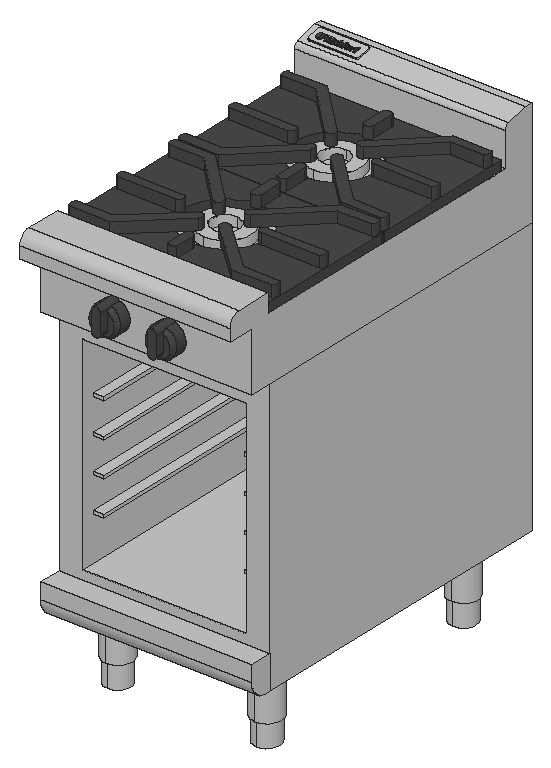
Revit family "QF_MOFFAT WALDORF_RNL8450G-CB", category Specialty Equipment, Revit 2012
Parameters
  Weight in Pounds = 189.5973
  URL Cutsheet = "www.moffat.com"
  URL = "www.moffat.com"
  Type Mark [instance] = ""
  Status [instance] = ""
  Specification by User [instance] = ""
  Specification by Manufacturer = ""
  Show Logo [instance] = yes
  Show Casters [instance] = no
  Serial Number = ""
  Seismic Rating = ""
  SMACNA No = ""
  Revision Code [instance] = ""
  Omniclass Number and Title = ""
  NAFEM Spec ID Number = ""
  Model = "RNL8450G-CB"
  Mechanical Remarks [instance] = ""
  Mechanical Connection Type [instance] = ""
  Masterspec = ""
  Manufacturer = "MOFFAT WALDORF"
  Legs [instance] = not(Show Casters)  # yes
  Item Number [instance] = ""
  Installed By [instance] = ""
  Identify Quantity as Lot [instance] = yes
  Gas Size = 3/4"
  Gas RI Height [instance] = 0 mm
  Gas KW [instance] = 15.5
  Gas Input [instance] = 53078.0 Btu/h
  Gas Connection Height = 0 mm
  Furnished By [instance] = ""
  Foodservice Equipment Identifier [instance] = yes
  Description = "COOK TOP LOW SPLASHBACK GAS ON GAS CABINET BASE"
  CSI MasterFormat = ""
  CSI Master Format = ""
Reference planes
  plane 1 "BACK": y = 0
  plane 2: z = 0
  plane 3 "LEFT": x = 0
  plane 4 "RIGHT": x = 450
  plane 5 "FRONT": y = -805
  plane 6 "TOP": z = 970
  plane 7 "Center Y": x = 225
  plane 8 "Center X": y = -402.5
Forms (mm)
  Extrusion 1, solid, material "QF_Finishes_Stainless Steel"
    sketch origin (0, 0, 0) x (0, 1, 0) y (0, 0, 1)
      loop
        line (-805, 891) -> (-805, 866) -> (-749, 866) -> (-749, 740) -> (0, 740) -> (0, 970) -> (-16.5, 970) -> (-61.106, 958.048)
        arc (-61.106, 958.048) -> (-67.52, 953.762) -> (-70, 946.457) r 12
        line (-70, 946.457) -> (-70, 875) -> (-705, 875) -> (-705, 915) -> (-781, 915)
        arc (-781, 915) -> (-797.971, 907.971) -> (-805, 891) r 24
      loop
        line (0, 739.206) -> (-100, 739.206) -> (-100, 150) -> (0, 150) -> (0, 739.206)
      loop
        line (-700, 222.5) -> (-749, 222.5) -> (-749, 188)
        arc (-749, 188) -> (-737.87, 161.13) -> (-711, 150) r 38
        line (-711, 150) -> (-700, 150) -> (-700, 222.5)
    from 0 to 450
  Revolve 2, solid, material "QF_Finishes_Black"
    sketch origin (285, 0, 600) x (0, -1, 0) y (0, 0, 1)
      loop
        line (782, 229.605) -> (759, 229.605) -> (759, 202.105) -> (749, 202.105) -> (749, 197.105) -> (793, 197.105) -> (793, 223.757) -> (782, 229.605)
      axis (793, 197.105) -> (749, 197.105)
    angle from 0 to 360
  Extrusion 3, solid, material "QF_Finishes_Black"
    sketch origin (146.569, 0, 496.003) x (1, 0, 0) y (0, 0, 1)
      loop
        line (148.431, 289) -> (148.431, 327.997)
        arc (148.431, 327.997) -> (138.431, 337.997) -> (128.431, 327.997) r 10
        line (128.431, 327.997) -> (128.431, 289)
        arc (128.431, 289) -> (138.431, 279) -> (148.431, 289) r 10
    from 759 to 808
  Extrusion 4, solid, material "QF_Finishes_Stainless Steel"
    sketch origin (0, -699, 655) x (1, 0, 0) y (0, -1, 0)
      loop
        circle (320, -667) r 13.5
    from 0 to -84.206
  Revolve 5, solid, material "QF_Finishes_Black"
    sketch origin (165, 0, 599.873) x (0, 1, 0) y (0, 0, -1)
      loop
        line (-782, -229.5) -> (-759, -229.5) -> (-759, -202) -> (-749, -202) -> (-749, -197) -> (-793, -197) -> (-793, -223.651) -> (-782, -229.5)
      axis (-793, -197) -> (-749, -197)
    angle from 0 to 360
  Extrusion 6, solid, material "QF_Finishes_Black"
    sketch origin (303.27, 0, 600.031) x (-1, 0, 0) y (0, 0, -1)
      loop
        arc (148.269, -184.969) -> (138.269, -174.969) -> (128.269, -184.969) r 10
        line (128.269, -184.969) -> (128.269, -223.969)
        arc (128.269, -223.969) -> (138.269, -233.969) -> (148.269, -223.969) r 10
        line (148.269, -223.969) -> (148.269, -184.969)
    from 759 to 808
  Extrusion 7, solid, material "QF_Finishes_Black"
    sketch origin (0, -77.549, 875) x (0, -1, 0) y (1, 0, 0)
      loop
        line (316, 4) -> (316, 446)
        arc (316, 446) -> (315.121, 448.121) -> (313, 449) r 3
        line (313, 449) -> (4, 449)
        arc (4, 449) -> (1.879, 448.121) -> (1, 446) r 3
        line (1, 446) -> (1, 4)
        arc (1, 4) -> (1.879, 1.879) -> (4, 1) r 3
        line (4, 1) -> (313, 1)
        arc (313, 1) -> (315.121, 1.879) -> (316, 4) r 3
      loop
        line (321, 1) -> (622.451, 1)
        arc (622.451, 1) -> (624.572, 1.879) -> (625.451, 4) r 3
        line (625.451, 4) -> (625.451, 446)
        arc (625.451, 446) -> (624.572, 448.121) -> (622.451, 449) r 3
        line (622.451, 449) -> (321, 449)
        arc (321, 449) -> (318.879, 448.121) -> (318, 446) r 3
        line (318, 446) -> (318, 4)
        arc (318, 4) -> (318.879, 1.879) -> (321, 1) r 3
      loop
        circle (166.451, 225) r 87
      loop
        circle (458.951, 225) r 87
    from 0 to 19.5
  Extrusion 8, solid, material "QF_Finishes_Black"
    sketch origin (0, -77.549, 894.5) x (0, -1, 0) y (1, 0, 0)
      loop
        line (39.503, 81.861) -> (141.683, 184.041)
        spline (141.683, 184.041) -> (143.272, 186.112) -> (144.271, 188.524) -> (144.612, 191.112) -> (144.271, 193.7) -> (143.272, 196.112) -> (141.683, 198.183) -> (139.612, 199.772) -> (137.2, 200.771) -> (134.612, 201.112) -> (132.024, 200.771) -> (129.612, 199.772) -> (127.541, 198.183)
        line (127.541, 198.183) -> (19.503, 90.145) -> (19.503, 8.933)
        spline (19.503, 8.933) -> (19.844, 7.639) -> (20.843, 6.433) -> (22.432, 5.397) -> (24.503, 4.603) -> (26.915, 4.103) -> (29.503, 3.933) -> (32.091, 4.103) -> (34.503, 4.603) -> (36.574, 5.397) -> (38.163, 6.433) -> (39.162, 7.639) -> (39.503, 8.933)
        line (39.503, 8.933) -> (39.503, 81.861)
      loop
        line (19.503, 359.855) -> (127.541, 251.817)
        spline (127.541, 251.817) -> (129.612, 250.228) -> (132.024, 249.229) -> (134.612, 248.888) -> (137.2, 249.229) -> (139.612, 250.228) -> (141.683, 251.817) -> (143.272, 253.888) -> (144.271, 256.3) -> (144.612, 258.888) -> (144.271, 261.476) -> (143.272, 263.888) -> (141.683, 265.959)
        line (141.683, 265.959) -> (39.503, 368.139) -> (39.503, 441.067)
        spline (39.503, 441.067) -> (39.162, 442.361) -> (38.163, 443.567) -> (36.574, 444.603) -> (34.503, 445.397) -> (32.091, 445.897) -> (29.503, 446.067) -> (26.915, 445.897) -> (24.503, 445.397) -> (22.432, 444.603) -> (20.843, 443.567) -> (19.844, 442.361) -> (19.503, 441.067)
        line (19.503, 441.067) -> (19.503, 359.855)
      loop
        spline (26.398, 235) -> (25.104, 234.659) -> (23.898, 233.66) -> (22.862, 232.071) -> (22.068, 230) -> (21.568, 227.588) -> (21.398, 225) -> (21.568, 222.412) -> (22.068, 220) -> (22.862, 217.929) -> (23.898, 216.34) -> (25.104, 215.341) -> (26.398, 215)
        line (26.398, 215) -> (75.602, 215)
        spline (75.602, 215) -> (78.19, 215.341) -> (80.602, 216.34) -> (82.673, 217.929) -> (84.262, 220) -> (85.261, 222.412) -> (85.602, 225) -> (85.261, 227.588) -> (84.262, 230) -> (82.673, 232.071) -> (80.602, 233.66) -> (78.19, 234.659) -> (75.602, 235)
        line (75.602, 235) -> (26.398, 235)
      loop
        line (158.5, 441.102) -> (158.5, 316.898)
        spline (158.5, 316.898) -> (158.841, 314.31) -> (159.84, 311.898) -> (161.429, 309.827) -> (163.5, 308.238) -> (165.912, 307.239) -> (168.5, 306.898) -> (171.088, 307.239) -> (173.5, 308.238) -> (175.571, 309.827) -> (177.16, 311.898) -> (178.159, 314.31) -> (178.5, 316.898)
        line (178.5, 316.898) -> (178.5, 441.102)
        spline (178.5, 441.102) -> (178.159, 442.396) -> (177.16, 443.602) -> (175.571, 444.638) -> (173.5, 445.432) -> (171.088, 445.932) -> (168.5, 446.102) -> (165.912, 445.932) -> (163.5, 445.432) -> (161.429, 444.638) -> (159.84, 443.602) -> (158.841, 442.396) -> (158.5, 441.102)
      loop
        line (313.497, 355.855) -> (313.497, 441.067)
        spline (313.497, 441.067) -> (313.156, 442.361) -> (312.157, 443.567) -> (310.568, 444.603) -> (308.497, 445.397) -> (306.085, 445.897) -> (303.497, 446.067) -> (300.909, 445.897) -> (298.497, 445.397) -> (296.426, 444.603) -> (294.837, 443.567) -> (293.838, 442.361) -> (293.497, 441.067)
        line (293.497, 441.067) -> (293.497, 364.139) -> (190.439, 261.081)
        spline (190.439, 261.081) -> (188.85, 259.01) -> (187.851, 256.598) -> (187.51, 254.01) -> (187.851, 251.422) -> (188.85, 249.01) -> (190.439, 246.939) -> (192.51, 245.35) -> (194.922, 244.351) -> (197.51, 244.01) -> (200.098, 244.351) -> (202.51, 245.35) -> (204.581, 246.939)
        line (204.581, 246.939) -> (313.497, 355.855)
      loop
        line (293.497, 85.861) -> (293.497, 8.933)
        spline (293.497, 8.933) -> (293.838, 7.639) -> (294.837, 6.433) -> (296.426, 5.397) -> (298.497, 4.603) -> (300.909, 4.103) -> (303.497, 3.933) -> (306.085, 4.103) -> (308.497, 4.603) -> (310.568, 5.397) -> (312.157, 6.433) -> (313.156, 7.639) -> (313.497, 8.933)
        line (313.497, 8.933) -> (313.497, 94.145) -> (204.581, 203.061)
        spline (204.581, 203.061) -> (202.51, 204.65) -> (200.098, 205.649) -> (197.51, 205.99) -> (194.922, 205.649) -> (192.51, 204.65) -> (190.439, 203.061) -> (188.85, 200.99) -> (187.851, 198.578) -> (187.51, 195.99) -> (187.851, 193.402) -> (188.85, 190.99) -> (190.439, 188.919)
        line (190.439, 188.919) -> (293.497, 85.861)
      loop
        line (178.5, 8.898) -> (178.5, 133.102)
        spline (178.5, 133.102) -> (178.159, 135.69) -> (177.16, 138.102) -> (175.571, 140.173) -> (173.5, 141.762) -> (171.088, 142.761) -> (168.5, 143.102) -> (165.912, 142.761) -> (163.5, 141.762) -> (161.429, 140.173) -> (159.84, 138.102) -> (158.841, 135.69) -> (158.5, 133.102)
        line (158.5, 133.102) -> (158.5, 8.898)
        spline (158.5, 8.898) -> (158.841, 7.604) -> (159.84, 6.398) -> (161.429, 5.362) -> (163.5, 4.568) -> (165.912, 4.068) -> (168.5, 3.898) -> (171.088, 4.068) -> (173.5, 4.568) -> (175.571, 5.362) -> (177.16, 6.398) -> (178.159, 7.604) -> (178.5, 8.898)
      loop
        spline (308.602, 215) -> (309.896, 215.341) -> (311.102, 216.34) -> (312.138, 217.929) -> (312.932, 220) -> (313.432, 222.412) -> (313.602, 225) -> (313.432, 227.588) -> (312.932, 230) -> (312.138, 232.071) -> (311.102, 233.66) -> (309.896, 234.659) -> (308.602, 235)
        line (308.602, 235) -> (259.398, 235)
        spline (259.398, 235) -> (256.81, 234.659) -> (254.398, 233.66) -> (252.327, 232.071) -> (250.738, 230) -> (249.739, 227.588) -> (249.398, 225) -> (249.739, 222.412) -> (250.738, 220) -> (252.327, 217.929) -> (254.398, 216.34) -> (256.81, 215.341) -> (259.398, 215)
        line (259.398, 215) -> (308.602, 215)
      loop
        line (339.503, 81.861) -> (441.683, 184.041)
        spline (441.683, 184.041) -> (443.272, 186.112) -> (444.271, 188.524) -> (444.612, 191.112) -> (444.271, 193.7) -> (443.272, 196.112) -> (441.683, 198.183) -> (439.612, 199.772) -> (437.2, 200.771) -> (434.612, 201.112) -> (432.024, 200.771) -> (429.612, 199.772) -> (427.541, 198.183)
        line (427.541, 198.183) -> (319.503, 90.145) -> (319.503, 8.933)
        spline (319.503, 8.933) -> (319.844, 7.639) -> (320.843, 6.433) -> (322.432, 5.397) -> (324.503, 4.603) -> (326.915, 4.103) -> (329.503, 3.933) -> (332.091, 4.103) -> (334.503, 4.603) -> (336.574, 5.397) -> (338.163, 6.433) -> (339.162, 7.639) -> (339.503, 8.933)
        line (339.503, 8.933) -> (339.503, 81.861)
      loop
        line (319.503, 359.855) -> (427.541, 251.817)
        spline (427.541, 251.817) -> (429.612, 250.228) -> (432.024, 249.229) -> (434.612, 248.888) -> (437.2, 249.229) -> (439.612, 250.228) -> (441.683, 251.817) -> (443.272, 253.888) -> (444.271, 256.3) -> (444.612, 258.888) -> (444.271, 261.476) -> (443.272, 263.888) -> (441.683, 265.959)
        line (441.683, 265.959) -> (339.503, 368.139) -> (339.503, 441.067)
        spline (339.503, 441.067) -> (339.162, 442.361) -> (338.163, 443.567) -> (336.574, 444.603) -> (334.503, 445.397) -> (332.091, 445.897) -> (329.503, 446.067) -> (326.915, 445.897) -> (324.503, 445.397) -> (322.432, 444.603) -> (320.843, 443.567) -> (319.844, 442.361) -> (319.503, 441.067)
        line (319.503, 441.067) -> (319.503, 359.855)
      loop
        spline (326.398, 235) -> (325.104, 234.659) -> (323.898, 233.66) -> (322.862, 232.071) -> (322.068, 230) -> (321.568, 227.588) -> (321.398, 225) -> (321.568, 222.412) -> (322.068, 220) -> (322.862, 217.929) -> (323.898, 216.34) -> (325.104, 215.341) -> (326.398, 215)
        line (326.398, 215) -> (375.602, 215)
        spline (375.602, 215) -> (378.19, 215.341) -> (380.602, 216.34) -> (382.673, 217.929) -> (384.262, 220) -> (385.261, 222.412) -> (385.602, 225) -> (385.261, 227.588) -> (384.262, 230) -> (382.673, 232.071) -> (380.602, 233.66) -> (378.19, 234.659) -> (375.602, 235)
        line (375.602, 235) -> (326.398, 235)
      loop
        line (458.5, 441.102) -> (458.5, 316.898)
        spline (458.5, 316.898) -> (458.841, 314.31) -> (459.84, 311.898) -> (461.429, 309.827) -> (463.5, 308.238) -> (465.912, 307.239) -> (468.5, 306.898) -> (471.088, 307.239) -> (473.5, 308.238) -> (475.571, 309.827) -> (477.16, 311.898) -> (478.159, 314.31) -> (478.5, 316.898)
        line (478.5, 316.898) -> (478.5, 441.102)
        spline (478.5, 441.102) -> (478.159, 442.396) -> (477.16, 443.602) -> (475.571, 444.638) -> (473.5, 445.432) -> (471.088, 445.932) -> (468.5, 446.102) -> (465.912, 445.932) -> (463.5, 445.432) -> (461.429, 444.638) -> (459.84, 443.602) -> (458.841, 442.396) -> (458.5, 441.102)
      loop
        line (605.948, 355.855) -> (605.948, 441.067)
        spline (605.948, 441.067) -> (605.607, 442.361) -> (604.608, 443.567) -> (603.019, 444.603) -> (600.948, 445.397) -> (598.536, 445.897) -> (595.948, 446.067) -> (593.36, 445.897) -> (590.948, 445.397) -> (588.877, 444.603) -> (587.288, 443.567) -> (586.289, 442.361) -> (585.948, 441.067)
        line (585.948, 441.067) -> (585.948, 364.139) -> (490.439, 261.081)
        spline (490.439, 261.081) -> (488.85, 259.01) -> (487.851, 256.598) -> (487.51, 254.01) -> (487.851, 251.422) -> (488.85, 249.01) -> (490.439, 246.939) -> (492.51, 245.35) -> (494.922, 244.351) -> (497.51, 244.01) -> (500.098, 244.351) -> (502.51, 245.35) -> (504.581, 246.939)
        line (504.581, 246.939) -> (605.948, 355.855)
      loop
        line (585.948, 85.861) -> (585.948, 8.933)
        spline (585.948, 8.933) -> (586.289, 7.639) -> (587.288, 6.433) -> (588.877, 5.397) -> (590.948, 4.603) -> (593.36, 4.103) -> (595.948, 3.933) -> (598.536, 4.103) -> (600.948, 4.603) -> (603.019, 5.397) -> (604.608, 6.433) -> (605.607, 7.639) -> (605.948, 8.933)
        line (605.948, 8.933) -> (605.948, 94.145) -> (504.581, 203.061)
        spline (504.581, 203.061) -> (502.51, 204.65) -> (500.098, 205.649) -> (497.51, 205.99) -> (494.922, 205.649) -> (492.51, 204.65) -> (490.439, 203.061) -> (488.85, 200.99) -> (487.851, 198.578) -> (487.51, 195.99) -> (487.851, 193.402) -> (488.85, 190.99) -> (490.439, 188.919)
        line (490.439, 188.919) -> (585.948, 85.861)
      loop
        line (478.5, 8.898) -> (478.5, 133.102)
        spline (478.5, 133.102) -> (478.159, 135.69) -> (477.16, 138.102) -> (475.571, 140.173) -> (473.5, 141.762) -> (471.088, 142.761) -> (468.5, 143.102) -> (465.912, 142.761) -> (463.5, 141.762) -> (461.429, 140.173) -> (459.84, 138.102) -> (458.841, 135.69) -> (458.5, 133.102)
        line (458.5, 133.102) -> (458.5, 8.898)
        spline (458.5, 8.898) -> (458.841, 7.604) -> (459.84, 6.398) -> (461.429, 5.362) -> (463.5, 4.568) -> (465.912, 4.068) -> (468.5, 3.898) -> (471.088, 4.068) -> (473.5, 4.568) -> (475.571, 5.362) -> (477.16, 6.398) -> (478.159, 7.604) -> (478.5, 8.898)
      loop
        spline (601.053, 215) -> (602.347, 215.341) -> (603.553, 216.34) -> (604.588, 217.929) -> (605.383, 220) -> (605.883, 222.412) -> (606.053, 225) -> (605.883, 227.588) -> (605.383, 230) -> (604.588, 232.071) -> (603.553, 233.66) -> (602.347, 234.659) -> (601.053, 235)
        line (601.053, 235) -> (559.398, 235)
        spline (559.398, 235) -> (556.81, 234.659) -> (554.398, 233.66) -> (552.327, 232.071) -> (550.738, 230) -> (549.739, 227.588) -> (549.398, 225) -> (549.739, 222.412) -> (550.738, 220) -> (552.327, 217.929) -> (554.398, 216.34) -> (556.81, 215.341) -> (559.398, 215)
        line (559.398, 215) -> (601.053, 215)
    from 0 to 23.5
  Revolve 9, solid, material "QF_Finishes_Stainless Steel", visible <- "Legs"
    sketch origin (65, -165, 0) x (0, 1, 0) y (0, 0, 1)
      loop
        line (33.25, 150) -> (33.25, 50) -> (37.5, 50) -> (37.5, 0) -> (65, 0) -> (65, 150) -> (33.25, 150)
      axis (65, 150) -> (65, 0)
    angle from 0 to 360
  Revolve 10, solid, material "QF_Finishes_Stainless Steel"
    sketch origin (65, -735, 0) x (0, 1, 0) y (0, 0, 1)
      loop
        line (78.25, 150) -> (78.25, 50) -> (82.5, 50) -> (82.5, 0) -> (110, 0) -> (110, 150) -> (78.25, 150)
      axis (110, 150) -> (110, 0)
    angle from 0 to 360
  Revolve 11, solid, material "QF_Finishes_Stainless Steel", visible <- "Legs"
    sketch origin (384, -165, 0) x (0, 1, 0) y (0, 0, -1)
      loop
        line (33.25, -150) -> (65, -150) -> (65, 0) -> (37.5, 0) -> (37.5, -50) -> (33.25, -50) -> (33.25, -150)
      axis (65, -150) -> (65, 0)
    angle from 0 to 360
  Revolve 12, solid, material "QF_Finishes_Stainless Steel"
    sketch origin (384, -735, 0) x (0, 1, 0) y (0, 0, -1)
      loop
        line (78.25, -150) -> (110, -150) -> (110, 0) -> (82.5, 0) -> (82.5, -50) -> (78.25, -50) -> (78.25, -150)
      axis (110, -150) -> (110, 0)
    angle from 0 to 360
  Extrusion 13, solid, material "QF_Finishes_Stainless Steel"
    sketch origin (0, 0, 0) x (1, 0, 0) y (0, 0, 1)
      loop
        line (0, 150) -> (450, 150) -> (450, 739.206) -> (0, 739.206) -> (0, 150)
      loop
        line (50, 685) -> (50, 242.5) -> (400, 242.5) -> (400, 685) -> (50, 685)
    from 100 to 699
  Extrusion 14, solid, material "QF_Finishes_Stainless Steel"
    sketch origin (0, -70, 875) x (0, 0, -1) y (1, 0, 0)
      loop
        line (386.25, 400) -> (379.9, 400) -> (379.9, 375) -> (386.25, 375) -> (386.25, 400)
      loop
        line (461.25, 400) -> (454.9, 400) -> (454.9, 375) -> (461.25, 375) -> (461.25, 400)
      loop
        line (461.25, 50) -> (461.25, 75) -> (454.9, 75) -> (454.9, 50) -> (461.25, 50)
      loop
        line (379.9, 75) -> (379.9, 50) -> (386.25, 50) -> (386.25, 75) -> (379.9, 75)
      loop
        line (536.25, 400) -> (529.9, 400) -> (529.9, 375) -> (536.25, 375) -> (536.25, 400)
      loop
        line (536.25, 50) -> (536.25, 75) -> (529.9, 75) -> (529.9, 50) -> (536.25, 50)
      loop
        line (311.25, 400) -> (304.9, 400) -> (304.9, 375) -> (311.25, 375) -> (311.25, 400)
      loop
        line (304.9, 75) -> (304.9, 50) -> (311.25, 50) -> (311.25, 75) -> (304.9, 75)
    from 30 to 604
  Extrusion 15, void
    sketch origin (0, 0, 0) x (1, 0, 0) y (0, 1, 0)
      loop
        line (380.747, -87.26) -> (380.747, 30.24) -> (251.247, 30.24) -> (251.247, -38.76) -> (299.747, -87.26) -> (380.747, -87.26)
    from 222.5 to 739.206
  Extrusion 16, solid, material "QF_Finishes_Stainless Steel"
    sketch origin (-0.162, -85.37, 875) x (0, -1, 0) y (1, 0, 0)
      loop
        circle (158.951, 225) r 57
      loop
        circle (451.451, 225) r 57
      loop
        circle (158.951, 225) r 30
      loop
        circle (451.451, 225) r 30
    from 0 to 20
Cuts and joins
  joined: Revolve 2, Extrusion 3
  Extrusion 15 cuts Extrusion 1
  joined: Extrusion 1, Extrusion 13
Lines and regions (mm)
  symbolic lines
    curve 1: line (0, 0, 0) -> (0, -805, 0)
    curve 2: line (450, 0, 0) -> (0, 0, 0)
    curve 3: line (450, -805, 0) -> (450, 0, 0)
    curve 4: line (0, -70, 0) -> (450, -70, 0)
    curve 5: line (0, -805, 0) -> (450, -805, 0)
    curve 10: line (0, -394.375, 0) -> (450, -394.375, 0)
    curve 11: line (8.898, -106.878, 0) -> (85.628, -106.878, 0)
    curve 12: line (85.628, -106.878, 0) -> (193.551, -214.801, 0)
    curve 13: line (225, -96.398, 0) -> (225, -145.602, 0)
    curve 14: line (441.102, -105.628, 0) -> (364.372, -105.628, 0)
    curve 15: line (364.372, -105.628, 0) -> (256.449, -213.551, 0)
    curve 16: line (441.102, -246.25, 0) -> (316.898, -246.25, 0)
    curve 17: line (441.102, -381.872, 0) -> (360.622, -381.872, 0)
    curve 18: line (360.622, -381.872, 0) -> (256.449, -277.699, 0)
    curve 19: line (8.898, -380.622, 0) -> (90.628, -380.622, 0)
    curve 20: line (90.628, -380.622, 0) -> (193.551, -277.699, 0)
    curve 21: line (8.898, -246.25, 0) -> (133.102, -246.25, 0)
    curve 22: line (225, -378.602, 0) -> (225, -331, 0)
    curve 23: line (441.102, -405.878, 0) -> (364.372, -405.878, 0)
    curve 24: line (364.372, -405.878, 0) -> (256.449, -513.801, 0)
    curve 25: line (225, -409.148, 0) -> (225, -458.352, 0)
    curve 26: line (8.898, -407.128, 0) -> (87.503, -407.128, 0)
    curve 27: line (87.503, -407.128, 0) -> (193.551, -513.176, 0)
    curve 28: line (8.898, -546.5, 0) -> (133.102, -546.5, 0)
    curve 29: line (441.102, -546.5, 0) -> (316.898, -546.5, 0)
    curve 30: line (364.372, -675.872, 0) -> (256.449, -567.949, 0)
    curve 31: line (441.102, -675.872, 0) -> (364.372, -675.872, 0)
    curve 32: line (225, -677.602, 0) -> (225, -628.398, 0)
    curve 33: line (85.628, -675.872, 0) -> (193.551, -567.949, 0)
    curve 34: line (8.898, -675.872, 0) -> (85.628, -675.872, 0)
    curve 35: arc (225, -301, 0) -> (168, -244, 0) -> (225, -187, 0) r 57
    curve 36: arc (225, -187, 0) -> (282, -244, 0) -> (225, -301, 0) r 57
    curve 37: arc (225, -593.5, 0) -> (168, -536.5, 0) -> (225, -479.5, 0) r 57
    curve 38: arc (225, -479.5, 0) -> (282, -536.5, 0) -> (225, -593.5, 0) r 57
    curve 39: line (450, -705, 0) -> (0, -705, 0)
    curve 40: arc (225, -331, 0) -> (138, -244, 0) -> (225, -157, 0) r 87
    curve 41: arc (225, -157, 0) -> (312, -244, 0) -> (225, -331, 0) r 87
    curve 42: arc (225, -623.5, 0) -> (138, -536.5, 0) -> (225, -449.5, 0) r 87
    curve 43: arc (225, -449.5, 0) -> (312, -536.5, 0) -> (225, -623.5, 0) r 87
    curve 44: arc (224.838, -214.321, 0) -> (254.838, -244.321, 0) -> (224.838, -274.321, 0) r 30
    curve 45: arc (224.838, -274.321, 0) -> (194.838, -244.321, 0) -> (224.838, -214.321, 0) r 30
    curve 46: arc (224.838, -506.821, 0) -> (254.838, -536.821, 0) -> (224.838, -566.821, 0) r 30
    curve 47: arc (224.838, -566.821, 0) -> (194.838, -536.821, 0) -> (224.838, -506.821, 0) r 30
  symbolic lines, visible <- "Show Logo"
    curve 6: line (12.5, -51.234, 0) -> (12.5, -20.958, 0)
    curve 7: line (12.5, -20.958, 0) -> (121.5, -20.958, 0)
    curve 8: line (12.5, -51.234, 0) -> (121.5, -51.234, 0)
    curve 9: line (121.5, -20.958, 0) -> (121.5, -51.234, 0)
Dimensions and locks
  equal spacing: plane 3 "LEFT", plane 7 "Center Y", plane 4 "RIGHT"
  plane 3 "LEFT" to plane 4 "RIGHT" = 450 mm
  equal spacing: plane 5 "FRONT", plane 8 "Center X", plane 1 "BACK"
  plane 5 "FRONT" to plane 1 "BACK" = 805 mm  (x2)
  equal spacing: plane 4 "RIGHT", plane 7 "Center Y", plane 3 "LEFT"
  plane 4 "RIGHT" to plane 3 "LEFT" = 450 mm
  plane 6 "TOP" to level = 970 mm  (x2)
  Extrusion 4 to level = 655 mm
  Extrusion 4 to plane 1 "BACK" = 32 mm
  aligned and locked: level to plane 2
  aligned and locked: curve 3 to plane 4 "RIGHT"
Automatic sketch dimensions
  Revolve 2 sketch curve to plane 5 "FRONT" = 56 mm
  Revolve 2 sketch curve to Revolve 2 sketch curve = 10 mm
  Revolve 2 sketch curve to Revolve 2 sketch curve = 21.3 mm
  Revolve 2 sketch curve to plane 5 "FRONT" = 23 mm
  Revolve 2 sketch curve to plane 5 "FRONT" = 12 mm
  Revolve 2 sketch curve to Revolve 2 sketch curve = 0 mm  (x2)
  level to Revolve 2 sketch curve = 797.105 mm
  Revolve 2 sketch curve to Revolve 2 sketch curve = 5 mm
  Revolve 2 sketch curve to Revolve 2 sketch curve = 26.651 mm
  Revolve 2 sketch curve to Revolve 2 sketch curve = 5.849 mm
  Extrusion 3 sketch curve to Extrusion 3 sketch curve = 10 mm
  level to Extrusion 3 sketch curve = 785.003 mm
  Extrusion 3 sketch curve to Extrusion 3 sketch curve = 38.997 mm
  Revolve 5 sketch curve to plane 5 "FRONT" = 12 mm
  Revolve 5 sketch curve to Revolve 5 sketch curve = 0 mm  (x2)
  Revolve 5 sketch curve to Revolve 5 sketch curve = 11 mm
  Revolve 5 sketch curve to Revolve 5 sketch curve = 12.7 mm
  Revolve 5 sketch curve to Revolve 5 sketch curve = 23 mm
  Revolve 5 sketch curve to Revolve 5 sketch curve = 10 mm
  level to Revolve 5 sketch curve = 829.373 mm
  Revolve 5 sketch curve to Revolve 5 sketch curve = 5.849 mm
  Revolve 5 sketch curve to Revolve 5 sketch curve = 27.5 mm
  Revolve 5 sketch curve to Revolve 5 sketch curve = 5 mm
  Extrusion 6 sketch curve to Extrusion 6 sketch curve = 10 mm
  level to Extrusion 6 sketch curve = 824 mm
  Extrusion 6 sketch curve to Extrusion 6 sketch curve = 39 mm
  Extrusion 1 to Extrusion 7 sketch curve = 1 mm  (x4)
  Extrusion 7 sketch curve to Extrusion 7 sketch curve = 146.549 mm  (x2)
  Extrusion 1 to Extrusion 7 sketch curve = 4 mm  (x2)
  Extrusion 7 sketch curve to Extrusion 7 sketch curve = 2 mm
  Extrusion 7 sketch curve to Extrusion 7 sketch curve = 3 mm  (x2)
  Extrusion 7 sketch curve to Extrusion 1 = 168.5 mm
  Extrusion 7 sketch curve to Extrusion 1 = 5 mm  (x2)
  Extrusion 7 sketch curve to Extrusion 1 = 2 mm
  Extrusion 1 to Extrusion 7 sketch curve = 225 mm  (x2)
  Extrusion 8 sketch curve to Extrusion 7 = 18.503 mm  (x2)
  Extrusion 8 sketch curve to Extrusion 7 = 25.398 mm
  Extrusion 8 sketch curve to Extrusion 8 sketch curve = 10 mm  (x16)
  Extrusion 8 sketch curve to Extrusion 8 sketch curve = 49.204 mm  (x2)
  Extrusion 8 sketch curve to Extrusion 8 sketch curve = 51.939 mm  (x2)
  Extrusion 8 sketch curve to Extrusion 8 sketch curve = 0 mm  (x3)
  Extrusion 8 sketch curve to Extrusion 8 sketch curve = 7.071 mm  (x8)
  Extrusion 8 sketch curve to Extrusion 7 = 7.898 mm  (x4)
  Extrusion 8 sketch curve to Extrusion 8 sketch curve = 118.997 mm  (x2)
  Extrusion 8 sketch curve to Extrusion 8 sketch curve = 16.817 mm  (x4)
  Extrusion 8 sketch curve to Extrusion 8 sketch curve = 48.756 mm  (x4)
  Extrusion 8 sketch curve to Extrusion 8 sketch curve = 54.817 mm  (x2)
  Extrusion 8 sketch curve to Extrusion 7 = 22.503 mm  (x2)
  Extrusion 8 sketch curve to Extrusion 7 = 7.398 mm
  Extrusion 8 sketch curve to Extrusion 7 = 1.503 mm  (x2)
  Extrusion 8 sketch curve to Extrusion 7 = 8.398 mm
  Extrusion 8 sketch curve to Extrusion 7 = 7.933 mm  (x7)
  Extrusion 8 sketch curve to Extrusion 7 = 39.503 mm  (x2)
  Extrusion 8 sketch curve to Extrusion 7 = 24.398 mm
  Extrusion 8 sketch curve to Extrusion 8 sketch curve = 72.928 mm  (x2)
  Extrusion 8 sketch curve to Extrusion 8 sketch curve = 4 mm  (x3)
  Extrusion 8 sketch curve to Extrusion 8 sketch curve = 76.928 mm
  Extrusion 8 sketch curve to Extrusion 8 sketch curve = 8.284 mm  (x7)
  Extrusion 8 sketch curve to Extrusion 8 sketch curve = 124.204 mm  (x2)
  Extrusion 8 sketch curve to Extrusion 8 sketch curve = 50.939 mm  (x3)
  Extrusion 8 sketch curve to Extrusion 8 sketch curve = 4.878 mm  (x2)
  Extrusion 8 sketch curve to Extrusion 8 sketch curve = 11.939 mm  (x2)
  Extrusion 8 sketch curve to Extrusion 8 sketch curve = 43.878 mm  (x2)
  Extrusion 8 sketch curve to Extrusion 8 sketch curve = 53.634 mm  (x2)
  Extrusion 8 sketch curve to Extrusion 8 sketch curve = 55.817 mm
  Extrusion 8 sketch curve to Extrusion 7 = 93.145 mm
  Extrusion 8 sketch curve to Extrusion 8 sketch curve = 85.212 mm
  Extrusion 8 sketch curve to Extrusion 7 = 89.145 mm
  plane 7 "Center Y" to Extrusion 3 sketch curve = 50 mm
  Extrusion 6 sketch curve to plane 7 "Center Y" = 49.999 mm
  plane 1 "BACK" to Revolve 9 sketch curve = 131.75 mm
  Revolve 9 sketch curve to Revolve 9 sketch curve = 4.25 mm
  Revolve 9 sketch curve to Revolve 9 sketch curve = 27.5 mm  (x2)
  Revolve 9 sketch curve to level = 55 mm
  Revolve 9 sketch curve to Revolve 9 sketch curve = 55 mm
  Revolve 9 sketch curve to Revolve 9 sketch curve = 50 mm
  Revolve 9 sketch curve to Revolve 9 sketch curve = 0 mm
  level to Revolve 9 sketch curve = 150 mm
  Revolve 10 sketch curve to plane 5 "FRONT" = 148.25 mm
  Revolve 10 sketch curve to Revolve 10 sketch curve = 4.25 mm
  Revolve 10 sketch curve to Revolve 10 sketch curve = 27.5 mm  (x2)
  Revolve 10 sketch curve to level = 55 mm
  Revolve 10 sketch curve to Revolve 10 sketch curve = 55 mm
  Revolve 10 sketch curve to Revolve 10 sketch curve = 50 mm
  Revolve 10 sketch curve to Revolve 10 sketch curve = 0 mm
  level to Revolve 10 sketch curve = 150 mm
  plane 1 "BACK" to Revolve 11 sketch curve = 131.75 mm
  Revolve 11 sketch curve to Revolve 11 sketch curve = 4.25 mm
  Revolve 11 sketch curve to Revolve 11 sketch curve = 27.5 mm  (x2)
  level to Revolve 11 sketch curve = 150 mm
  Revolve 11 sketch curve to Revolve 11 sketch curve = 100 mm
  Revolve 11 sketch curve to Revolve 11 sketch curve = 0 mm
  Revolve 11 sketch curve to Revolve 11 sketch curve = 50 mm
  Revolve 11 sketch curve to Revolve 11 sketch curve = 55 mm
  Revolve 12 sketch curve to plane 5 "FRONT" = 148.25 mm
  Revolve 12 sketch curve to Revolve 12 sketch curve = 4.25 mm
  Revolve 12 sketch curve to Revolve 12 sketch curve = 27.5 mm  (x2)
  level to Revolve 12 sketch curve = 150 mm
  Revolve 12 sketch curve to Revolve 12 sketch curve = 100 mm
  Revolve 12 sketch curve to Revolve 12 sketch curve = 0 mm
  Revolve 12 sketch curve to Revolve 12 sketch curve = 50 mm
  Revolve 12 sketch curve to Revolve 12 sketch curve = 55 mm
  plane 1 "BACK" to Extrusion 4 sketch curve = 32 mm
  plane 7 "Center Y" to Extrusion 4 sketch curve = 95 mm
  level to Extrusion 13 sketch curve = 150 mm
  Extrusion 13 sketch curve to plane 6 "TOP" = 230.794 mm
  Extrusion 13 sketch curve to plane 3 "LEFT" = 0 mm
  plane 3 "LEFT" to Extrusion 13 sketch curve = 50 mm
  plane 4 "RIGHT" to Extrusion 13 sketch curve = 50 mm
  Extrusion 13 sketch curve to Extrusion 13 sketch curve = 92.5 mm
  plane 4 "RIGHT" to Extrusion 13 sketch curve = 0 mm
  Extrusion 13 sketch curve to Extrusion 13 sketch curve = 442.5 mm
  Extrusion 14 sketch curve to Extrusion 14 sketch curve = 6.35 mm  (x8)
  Extrusion 14 sketch curve to Extrusion 14 sketch curve = 68.65 mm  (x6)
  Extrusion 14 sketch curve to Extrusion 14 sketch curve = 25 mm  (x8)
  Extrusion 14 sketch curve to Extrusion 14 sketch curve = 0 mm  (x3)
  plane 3 "LEFT" to Extrusion 14 sketch curve = 50 mm  (x4)
  Extrusion 14 sketch curve to plane 6 "TOP" = 399.9 mm
  plane 4 "RIGHT" to Extrusion 14 sketch curve = 50 mm
  plane 4 "RIGHT" to Extrusion 14 sketch curve = 75 mm
  plane 7 "Center Y" to Extrusion 15 sketch curve = 26.247 mm
  Extrusion 15 sketch curve to Extrusion 15 sketch curve = 48.5 mm
  plane 4 "RIGHT" to Extrusion 15 sketch curve = 69.253 mm
  plane 1 "BACK" to Extrusion 15 sketch curve = 87.26 mm
  plane 1 "BACK" to Extrusion 15 sketch curve = 38.76 mm
  Extrusion 15 sketch curve to plane 1 "BACK" = 30.24 mm
  Extrusion 1 sketch curve to plane 5 "FRONT" = 0 mm
  Extrusion 1 sketch curve to plane 6 "TOP" = 0 mm
  Extrusion 1 sketch curve to plane 1 "BACK" = 0 mm  (x2)
  Extrusion 1 sketch curve to plane 5 "FRONT" = 24 mm
  Extrusion 1 sketch curve to plane 5 "FRONT" = 56 mm  (x2)
  Extrusion 1 sketch curve to Extrusion 1 sketch curve = 38 mm
  Extrusion 1 sketch curve to Extrusion 1 sketch curve = 44 mm
  Extrusion 1 sketch curve to Extrusion 1 sketch curve = 11 mm
  Extrusion 1 sketch curve to Extrusion 1 sketch curve = 100 mm
  plane 1 "BACK" to Extrusion 1 sketch curve = 70 mm
  Extrusion 1 sketch curve to plane 6 "TOP" = 11.952 mm
  Extrusion 1 sketch curve to Extrusion 1 sketch curve = 8.894 mm
  Extrusion 1 sketch curve to Extrusion 1 sketch curve = 3.106 mm
  Extrusion 1 sketch curve to Extrusion 1 sketch curve = 16.5 mm
  Extrusion 1 sketch curve to plane 6 "TOP" = 55 mm
  Extrusion 1 sketch curve to Extrusion 1 sketch curve = 40 mm
  Extrusion 1 sketch curve to Extrusion 1 sketch curve = 25 mm
  Extrusion 1 sketch curve to Extrusion 1 sketch curve = 135 mm
  Extrusion 1 sketch curve to Extrusion 1 sketch curve = 0.794 mm
  level to Extrusion 1 sketch curve = 222.5 mm
  Extrusion 1 sketch curve to Extrusion 1 sketch curve = 34.5 mm
  level to Extrusion 1 sketch curve = 150 mm
  Extrusion 7 sketch curve to Extrusion 7 sketch curve = 137.951 mm
  Extrusion 7 sketch curve to Extrusion 1 = 11.549 mm  (x2)
  curve 35 to curve 40 = 0 mm  (x2)
  curve 37 to curve 42 = 0 mm  (x2)
  curve 37 to curve 43 = 0 mm
  plane 1 "BACK" to curve 1 = 0 mm
  curve 1 to plane 3 "LEFT" = 0 mm
  curve 40 to plane 7 "Center Y" = 0 mm
  curve 25 to plane 7 "Center Y" = 0 mm
  curve 13 to plane 7 "Center Y" = 0 mm
  curve 32 to plane 7 "Center Y" = 0 mm
  plane 5 "FRONT" to curve 1 = 0 mm
  plane 3 "LEFT" to curve 26 = 8.898 mm
  plane 3 "LEFT" to curve 34 = 8.898 mm
  plane 3 "LEFT" to curve 28 = 8.898 mm
  plane 3 "LEFT" to curve 11 = 8.898 mm
  plane 3 "LEFT" to curve 19 = 8.898 mm
  plane 3 "LEFT" to curve 21 = 8.898 mm
  plane 3 "LEFT" to curve 8 = 12.5 mm
  curve 34 to curve 34 = 76.73 mm
  curve 11 to curve 11 = 76.73 mm
  curve 26 to plane 8 "Center X" = 4.628 mm
  curve 26 to curve 26 = 78.605 mm
  plane 8 "Center X" to curve 20 = 21.878 mm
  curve 26 to curve 20 = 3.125 mm
  plane 1 "BACK" to curve 9 = 20.958 mm
  curve 11 to curve 9 = 35.872 mm
  curve 28 to plane 7 "Center Y" = 91.898 mm
  curve 21 to plane 7 "Center Y" = 91.898 mm
  curve 27 to plane 7 "Center Y" = 31.449 mm
  curve 12 to plane 7 "Center Y" = 31.449 mm
  curve 20 to plane 7 "Center Y" = 31.449 mm
  curve 33 to plane 7 "Center Y" = 31.449 mm
  plane 7 "Center Y" to curve 18 = 31.449 mm
  plane 7 "Center Y" to curve 30 = 31.449 mm
  plane 7 "Center Y" to curve 15 = 31.449 mm
  plane 7 "Center Y" to curve 24 = 31.449 mm
  curve 30 to curve 29 = 60.449 mm
  curve 18 to curve 16 = 60.449 mm
  plane 8 "Center X" to curve 18 = 20.628 mm
  plane 4 "RIGHT" to curve 18 = 89.378 mm
  plane 4 "RIGHT" to curve 14 = 85.628 mm
  plane 4 "RIGHT" to curve 30 = 85.628 mm
  curve 23 to plane 8 "Center X" = 3.378 mm
  curve 17 to curve 23 = 3.75 mm
  plane 4 "RIGHT" to curve 16 = 8.898 mm
  plane 4 "RIGHT" to curve 23 = 8.898 mm
  plane 4 "RIGHT" to curve 29 = 8.898 mm
  plane 4 "RIGHT" to curve 31 = 8.898 mm
  plane 4 "RIGHT" to curve 14 = 8.898 mm
  plane 4 "RIGHT" to curve 17 = 8.898 mm
  curve 39 to plane 5 "FRONT" = 100 mm
  curve 32 to plane 5 "FRONT" = 127.398 mm
  curve 39 to curve 30 = 29.128 mm
  curve 39 to curve 34 = 29.128 mm
  curve 32 to curve 32 = 49.204 mm
  curve 32 to curve 42 = 4.898 mm
  curve 43 to curve 38 = 30 mm
  curve 38 to curve 30 = 25.551 mm
  curve 37 to curve 33 = 25.551 mm
  curve 30 to curve 29 = 21.449 mm
  curve 33 to curve 28 = 21.449 mm
  curve 33 to curve 38 = 31.449 mm
  curve 37 to curve 24 = 22.699 mm
  curve 37 to curve 27 = 23.324 mm
  curve 25 to curve 42 = 8.852 mm
  curve 25 to plane 8 "Center X" = 6.648 mm
  plane 8 "Center X" to curve 10 = 8.125 mm
  plane 8 "Center X" to curve 22 = 23.898 mm
  curve 22 to curve 22 = 47.602 mm
  curve 40 to curve 35 = 30 mm
  curve 35 to curve 20 = 23.301 mm
  curve 36 to curve 18 = 23.301 mm
  curve 19 to curve 21 = 134.372 mm
  curve 18 to curve 16 = 31.449 mm
  curve 20 to curve 36 = 33.699 mm
  curve 12 to curve 35 = 27.801 mm
  curve 15 to curve 36 = 26.551 mm
  curve 40 to curve 13 = 11.398 mm
  curve 12 to curve 7 = 85.92 mm
  plane 1 "BACK" to curve 15 = 105.628 mm
  curve 13 to curve 13 = 49.204 mm
  curve 11 to curve 4 = 36.878 mm
  curve 8 to curve 7 = 30.277 mm
  Extrusion 16 sketch curve to Extrusion 16 sketch curve = 0 mm  (x24)
  Extrusion 16 sketch curve to Extrusion 1 = 117.321 mm
  Extrusion 16 sketch curve to Extrusion 16 sketch curve = 27 mm  (x2)
  Extrusion 16 sketch curve to Extrusion 16 sketch curve = 30 mm  (x2)
  Extrusion 16 sketch curve to Extrusion 16 sketch curve = 178.5 mm
  Extrusion 1 to Extrusion 16 sketch curve = 225.162 mm  (x2)
  curve 45 to plane 7 "Center Y" = 0.162 mm
  curve 35 to curve 45 = 26.679 mm
  curve 44 to curve 35 = 0.321 mm
  curve 46 to curve 47 = 0 mm  (x2)
  curve 47 to plane 7 "Center Y" = 0.162 mm
  curve 37 to curve 47 = 26.679 mm
  curve 47 to curve 38 = 0.321 mm
  radius of Extrusion 7 sketch curve = 87 mm  (x2)
  radius of Extrusion 4 sketch curve = 13.5 mm
Nested families
  nested 1: "RNL8450G-CB-CASTERS" at (65, -100, 0), Show Casters <- "Show Casters", visible <- "Show Casters", type "RNL8450G-CB-CASTERS"
    with Type Mark "", Status "", Specification by User "", Show Casters no, Revision Code "", Item Number "", Installed By "", Identify Quantity as Lot yes, Furnished By "", Foodservice Equipment Identifier yes
  nested 2: "RNL8450G-CB-CASTERS" at (384, -100, 0), Show Casters <- "Show Casters", visible <- "Show Casters", type "RNL8450G-CB-CASTERS"
    with Type Mark "", Status "", Specification by User "", Show Casters no, Revision Code "", Item Number "", Installed By "", Identify Quantity as Lot yes, Furnished By "", Foodservice Equipment Identifier yes
  nested 3: "WALDORF LOGO_FACE BASE" at (12.48, -20.682, 968.879) x (1, 0, 0) z (0, -0.2588, 0.9659), type "WALDORF LOGO_FACE BASE", detail levels medium+fine
    with Show Logo yes
Connectors
  piping at (320, -32, 655)
    settings: on Extrusion 4, index 1, connector radius 0.37402", flow factor 0, pipe flow 0 GPM, pressure drop 0.00 psi, fitting loss kfactor 0, connector angle 0.00°, fixture units 0, engagement length 0 mm, flow configuration 1, flow direction 1, fitting loss method 0, system type 7, joint type 0, gender type 0, connector reference index -1, connector utility 0, adjustable connector no, is connector primary yes, fitting loss table "", connector description "GAS CONNECTION"
Definition of nested family "WALDORF LOGO_FACE BASE"
  Parameters (values of type "WALDORF LOGO_FACE BASE")
    Show Logo [instance] = yes
    Default Elevation = 1219.2 mm
  Reference planes
    plane 1 "Center (Front/Back)": y = 0
    plane 2: z = 0
    plane 3 "Center (Left/Right)": x = 0
  Forms (mm)
    Extrusion 1, solid
      sketch origin (0, 0, 0) x (1, 0, 0) y (0, 1, 0)
        loop
          line (-1219.2, 1219.2) -> (-1219.2, -1219.2) -> (1219.2, -1219.2) -> (1219.2, 1219.2) -> (-1219.2, 1219.2)
      from 0 to -304.8
    Extrusion 2, solid, material "QF_Finishes_Stainless Steel", visible <- "Show Logo"
      sketch origin (0, -33.217, 0) x (1, 0, 0) y (0, 1, 0)
        loop
          arc (5, 34.14) -> (1.464, 32.676) -> (0, 29.14) r 5
          line (0, 29.14) -> (0, 5)
          arc (0, 5) -> (1.464, 1.464) -> (5, 0) r 5
          line (5, 0) -> (104, 0)
          arc (104, 0) -> (107.536, 1.464) -> (109, 5) r 5
          line (109, 5) -> (109, 29.14)
          arc (109, 29.14) -> (107.536, 32.676) -> (104, 34.14) r 5
          line (104, 34.14) -> (5, 34.14)
      from 0 to 1.588
    Extrusion 3, solid, material "QF_Finishes_Black", visible <- "Show Logo"
      sketch origin (0, -33.217, 1.588) x (1, 0, 0) y (0, 1, 0)
        loop
          line (24.772, 23.214) -> (27.992, 10.301) -> (31.551, 10.301) -> (33.443, 17.364) -> (35.205, 10.301) -> (39.332, 10.301) -> (42.077, 23.214) -> (38.352, 23.214) -> (36.676, 15.33) -> (35, 23.214) -> (31.752, 23.214) -> (30.076, 15.33) -> (28.4, 23.214) -> (24.772, 23.214)
        loop
          line (42.272, 17.055) -> (45.703, 17.055)
          spline (45.703, 17.055) -> (45.741, 17.285) -> (45.852, 17.499) -> (46.028, 17.682) -> (46.258, 17.823) -> (46.526, 17.912) -> (46.813, 17.942) -> (47.1, 17.912) -> (47.368, 17.823) -> (47.597, 17.682) -> (47.774, 17.499) -> (47.884, 17.285) -> (47.922, 17.055)
          line (47.922, 17.055) -> (47.922, 16.222)
          arc (47.922, 16.222) -> (45.742, 16.014) -> (43.665, 15.317) r 9.604
          arc (43.665, 15.317) -> (41.924, 12.809) -> (43.665, 10.301) r 2.677
          arc (43.665, 10.301) -> (45.527, 10.353) -> (47.332, 10.816) r 8.365
          line (47.332, 10.816) -> (48.092, 11.105) -> (48.092, 10.301) -> (51.817, 10.301) -> (51.817, 17.055)
          spline (51.817, 17.055) -> (51.654, 17.821) -> (51.178, 18.535) -> (50.419, 19.148) -> (49.431, 19.619) -> (48.28, 19.914) -> (47.044, 20.015) -> (45.809, 19.914) -> (44.658, 19.619) -> (43.67, 19.148) -> (42.911, 18.535) -> (42.434, 17.821) -> (42.272, 17.055)
        loop
          line (53.151, 23.214) -> (53.151, 10.301) -> (57.37, 10.301) -> (57.37, 23.214) -> (53.151, 23.214)
        loop
          line (64.874, 23.214) -> (64.874, 18.857)
          arc (64.874, 18.857) -> (58.083, 15.11) -> (64.874, 11.363) r 4.429
          line (64.874, 11.363) -> (64.874, 10.301) -> (68.378, 10.301) -> (68.378, 23.214) -> (64.874, 23.214)
        loop
          arc (64.874, 16.083) -> (61.41, 14.987) -> (64.874, 13.891) r 1.905
          line (64.874, 13.891) -> (64.874, 16.083)
        loop
          circle (74.623, 15.223) r 5
        loop
          spline (74.623, 17.856) -> (74.355, 17.766) -> (74.105, 17.503) -> (73.891, 17.084) -> (73.726, 16.539) -> (73.623, 15.904) -> (73.588, 15.223) -> (73.623, 14.541) -> (73.726, 13.906) -> (73.891, 13.361) -> (74.105, 12.942) -> (74.355, 12.679) -> (74.623, 12.59)
          spline (74.623, 12.59) -> (74.891, 12.679) -> (75.141, 12.942) -> (75.355, 13.361) -> (75.52, 13.906) -> (75.623, 14.541) -> (75.659, 15.223) -> (75.623, 15.904) -> (75.52, 16.539) -> (75.355, 17.084) -> (75.141, 17.503) -> (74.891, 17.766) -> (74.623, 17.856)
        loop
          line (81.255, 19.813) -> (81.255, 10.301) -> (84.834, 10.301) -> (84.834, 14.176)
          arc (84.834, 14.176) -> (85.854, 16.093) -> (88.013, 16.32) r 2.313
          line (88.013, 16.32) -> (88.013, 19.813) -> (87.161, 19.813)
          arc (87.161, 19.813) -> (85.526, 19.266) -> (84.549, 17.844) r 2.717
          line (84.549, 17.844) -> (84.549, 19.813) -> (81.255, 19.813)
        loop
          line (90.249, 19.813) -> (88.91, 19.813) -> (88.91, 17.614) -> (90.249, 17.614) -> (90.249, 10.301) -> (93.998, 10.301) -> (93.998, 17.614) -> (95.418, 17.614) -> (95.418, 19.813) -> (93.998, 19.813)
          arc (93.998, 19.813) -> (94.414, 20.817) -> (95.418, 21.233) r 1.42
          line (95.418, 21.233) -> (95.418, 23.602) -> (93.317, 23.602)
          arc (93.317, 23.602) -> (91.343, 22.903) -> (90.249, 21.118) r 3.137
          line (90.249, 21.118) -> (90.249, 19.813)
        loop
          arc (15.241, 23.571) -> (8.392, 16.525) -> (15.241, 9.479) r 7.049
          line (15.241, 9.479) -> (15.241, 23.571)
        loop
          line (15.641, 23.571) -> (15.641, 9.479)
          arc (15.641, 9.479) -> (22.49, 16.525) -> (15.641, 23.571) r 7.049
        loop
          arc (47.922, 14.711) -> (46.266, 13.749) -> (47.922, 12.787) r 1.107
          line (47.922, 12.787) -> (47.922, 14.711)
      from 0 to 0.2
  Dimensions and locks
    aligned and locked: plane 2 to Extrusion 1
    aligned and locked: level to Extrusion 1
Definition of nested family "RNL8450G-CB-CASTERS"
  Parameters (values of type "BTL8450-CB-CASTERS")
    Weight = ""
    URL Manufacturer = ""
    URL Cutsheet = ""
    URL = ""
    Type Mark [instance] = ""
    Status [instance] = ""
    Specification by User [instance] = ""
    Specification by Manufacturer = ""
    Show Casters [instance] = no
    Serial Number = ""
    Seismic Rating = ""
    SMACNA No = ""
    Revision Code [instance] = ""
    Omniclass Number and Title = ""
    NAFEM Spec ID Number = ""
    Model = ""
    MasterSpec. = ""
    Manufacturer = ""
    Item Number [instance] = ""
    Installed By [instance] = ""
    Identify Quantity as Lot [instance] = yes
    Furnished By [instance] = ""
    Foodservice Equipment Identifier [instance] = yes
    Description = ""
    CSI MasterFormat = ""
    CSI Master Format = ""
    Assembly Code = ""
  Reference planes
    plane 1: z = 0
    plane 2 "RIGHT": x = 0
    plane 3 "FRONT": y = 0
    plane 4 "TOP": z = 177.8
  Forms (mm)
    Revolve 1, solid, material "QF_Finishes_Stainless Steel", visible <- "Show Casters"
      sketch origin (0, 56.335, 0) x (0, 1, 0) y (0, 0, 1)
        loop
          line (-56.335, 152.4) -> (-56.335, 141.118) -> (-23.798, 141.118) -> (-23.798, 152.4) -> (-56.335, 152.4)
        axis (-56.335, 141.118) -> (-56.335, 152.4)
      angle from 0 to 360
    Extrusion 2, solid, material "QF_Finishes_Stainless Steel", visible <- "Show Casters"
      sketch origin (-46.049, 56.335, 0) x (0, 1, 0) y (0, 0, 1)
        loop
          line (-85.799, 141.118) -> (-85.799, 133.498) -> (-82.136, 133.498)
          arc (-82.136, 133.498) -> (-79.344, 132.328) -> (-77.146, 130.248) r 8.432
          line (-77.146, 130.248) -> (-39.502, 49.52)
          arc (-39.502, 49.52) -> (-13.784, 46.107) -> (-5.673, 70.75) r 20.32
          arc (-5.673, 70.75) -> (-7.065, 73.611) -> (-8.887, 76.22) r 20.32
          arc (-8.887, 76.22) -> (-9.399, 85.377) -> (-6.626, 94.119) r 25.4
          line (-6.626, 94.119) -> (8.003, 121.632)
          arc (8.003, 121.632) -> (-2.347, 126.31) -> (-13.34, 129.167) r 66.802
          line (-13.34, 129.167) -> (-13.765, 133.498) -> (-26.871, 133.498) -> (-26.871, 141.118) -> (-85.799, 141.118)
      from 20.058 to 22.923
    Extrusion 3, solid, material "QF_Finishes_Stainless Steel", visible <- "Show Casters"
      sketch origin (3.326, 56.335, 0) x (0, 1, 0) y (0, 0, 1)
        loop
          line (-85.799, 141.118) -> (-85.799, 133.498) -> (-82.136, 133.498)
          arc (-82.136, 133.498) -> (-79.344, 132.328) -> (-77.146, 130.248) r 8.432
          line (-77.146, 130.248) -> (-39.502, 49.52)
          arc (-39.502, 49.52) -> (-13.784, 46.107) -> (-5.673, 70.75) r 20.32
          arc (-5.673, 70.75) -> (-7.065, 73.611) -> (-8.887, 76.22) r 20.32
          arc (-8.887, 76.22) -> (-9.399, 85.377) -> (-6.626, 94.119) r 25.4
          line (-6.626, 94.119) -> (8.003, 121.632)
          arc (8.003, 121.632) -> (-2.347, 126.31) -> (-13.34, 129.167) r 66.802
          line (-13.34, 129.167) -> (-13.765, 133.498) -> (-26.871, 133.498) -> (-26.871, 141.118) -> (-85.799, 141.118)
      from 20.058 to 22.923
    Extrusion 4, solid, material "QF_Finishes_Stainless Steel", visible <- "Show Casters"
      sketch origin (-49.224, 56.335, 0) x (0, 1, 0) y (0, 0, 1)
        loop
          line (-85.799, 141.118) -> (-85.799, 133.498) -> (-82.136, 133.498) -> (-18.877, 127.964) -> (7.14, 120.01) -> (8.003, 121.632)
          arc (8.003, 121.632) -> (-2.347, 126.31) -> (-13.34, 129.167) r 66.802
          line (-13.34, 129.167) -> (-13.765, 133.498) -> (-26.871, 133.498) -> (-26.871, 141.118) -> (-85.799, 141.118)
      from 26.098 to 72.56
    Revolve 5, solid, material "QF_Finishes_Stainless Steel", visible <- "Show Casters"
      sketch origin (-49.224, 30.821, 0) x (1, 0, 0) y (0, 0, 1)
        loop
          line (14.841, 63.604) -> (83.584, 63.604) -> (83.584, 67.109) -> (82.314, 68.379) -> (80.79, 68.379) -> (80.79, 71.826) -> (68.644, 71.826) -> (68.644, 81.79) -> (65.088, 83.843) -> (61.683, 104.879) -> (65.881, 104.879) -> (65.881, 111.229) -> (65.088, 111.229) -> (65.088, 117.579)
          arc (65.088, 117.579) -> (62.298, 124.314) -> (55.563, 127.104) r 9.525
          line (55.563, 127.104) -> (42.863, 127.104)
          arc (42.863, 127.104) -> (36.127, 124.314) -> (33.338, 117.579) r 9.525
          line (33.338, 117.579) -> (33.338, 111.229) -> (32.544, 111.229) -> (32.544, 104.879) -> (36.742, 104.879) -> (33.352, 83.932) -> (29.782, 81.871) -> (29.782, 71.826) -> (17.635, 71.826) -> (17.635, 68.379) -> (16.111, 68.379) -> (14.841, 67.109) -> (14.841, 63.604)
        axis (14.841, 63.604) -> (83.584, 63.604)
      angle from 0 to 360
  Cuts and joins
    joined: Extrusion 2, Extrusion 3, Extrusion 4
  Lines and regions (mm)
    symbolic lines, style "SpecialityEquipmentHiddenLines", visible <- "Show Casters"
      curve 1: line (18.009, 67.053, 0) -> (45.595, 51.127, 0)
      curve 2: line (-45.491, -42.932, 0) -> (18.009, 67.053, 0)
      curve 3: line (-17.905, -58.859, 0) -> (-45.491, -42.932, 0)
      curve 4: line (45.595, 51.127, 0) -> (-17.905, -58.859, 0)
  Dimensions and locks
    plane 4 "TOP" to level = 177.8 mm  (x2)
    Revolve 5 sketch curve to Revolve 5 sketch curve = 63.5 mm
    aligned and locked: level to plane 1
